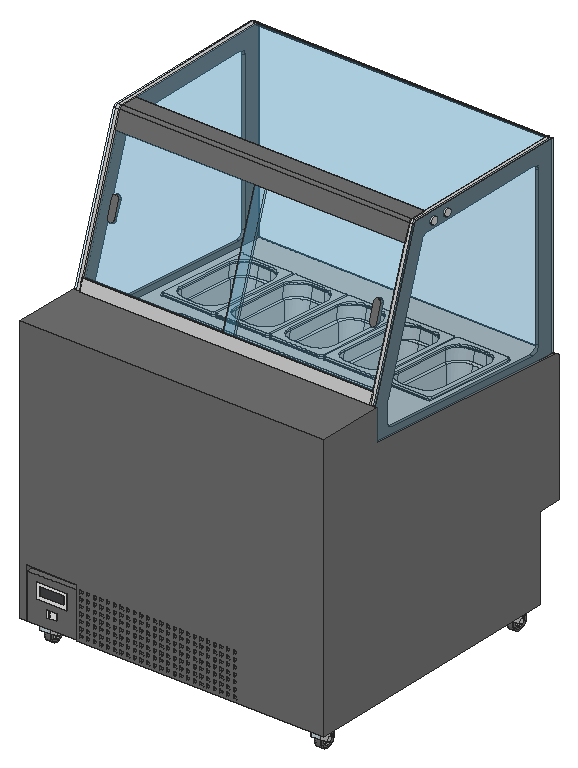
Revit family "QF_BLIZZARD_LUXE6_250923021310", category Specialty Equipment, Revit 2021
Family settings
  Round Connector Dimension = Use Diameter
  Part Type = Normal
  OmniClass Number = 23.40.40.14
  OmniClass Title = Food Service Equipment
  Work Plane-Based = No
  Always vertical = Yes
  Cut with Voids When Loaded = No
  Shared = No
  Room Calculation Point = No
Parameters (values of type "SUNDAE6")
  Weight [instance] = 106.00 kg
  Warranty Start Date [instance] = ""
  Warranty Duration [instance] = ""
  Volts [instance] = 230 V
  Volt Free Conn [instance] = no
  URL Recommended Spares List [instance] = ""
  URL Manufacturer [instance] = ""
  URL Cutsheet [instance] = ""
  URL Critical Spares List [instance] = ""
  URL = "www.blizzardequipment.com"
  Technical Documentation [instance] = ""
  Tag Number [instance] = ""
  Status [instance] = ""
  Start Up Current [instance] = 0 A
  Specification by User [instance] = ""
  Specification by Manufacturer [instance] = ""
  Sound Level [instance] = ""
  Show Logo [instance] = yes
  Show Clearances [instance] = yes
  Service Life Duration [instance] = ""
  Serial Number [instance] = ""
  Seismic Rating [instance] = ""
  SMACNA No [instance] = ""
  Revision Code [instance] = ""
  Revision [instance] = ""
  Production Year [instance] = ""
  Potential Equalisation [instance] = no
  Point Load [instance] = 0
  Phase [instance] = 1
  Other Equipment Approvals [instance] = ""
  Operational Current [instance] = 0 A
  Number of Poles [instance] = 2
  No Load Power Draw [instance] = no
  NAFEM Spec ID Number [instance] = ""
  Model Warning [instance] = ""
  Model = "LUXE6"
  Min Ckt Ampacity [instance] = 0 A
  Max Overcurrent Protection [instance] = 16 A
  Masterspec [instance] = ""
  Manufacturer = "BLIZZARD"
  Main switch integrated [instance] = no
  Length Actual [instance] = 910 mm
  Item Number [instance] = ""
  Installed By [instance] = ""
  Installation Date [instance] = ""
  Identify Quantity as Lot [instance] = no
  ID [instance] = ""
  Hygiene Approval [instance] = ""
  Height Actual [instance] = 1300 mm
  HP power [instance] = ""
  Furnished By [instance] = ""
  Foodservice Equipment Identifier [instance] = no
  FL Amps [instance] = 13 A
  Electrical Remarks [instance] = ""
  Electric power [instance] = 2990 W
  Electric Connection Type [instance] = ""
  Elec Conn RI Height [instance] = 0 mm
  Elec Conn Connection Height [instance] = 0 mm
  ETL Approved [instance] = no
  Description = "6 PAN ICE CREAM SERVE OVER"
  Depth Actual [instance] = 880 mm
  Default Elevation = 0 mm
  Cycle [instance] = 50 Hz
  Cost = 3510
  Connection to energy optimisation system [instance] = yes
  Conn Plug [instance] = ""
  Conn Conduit [instance] = no
  Centralized building control system with digital interface [instance] = ""
  CSI MasterFormat [instance] = ""
  CE Approved [instance] = no
  Barcode [instance] = 0
  Author [instance] = ""
  Asset Identifier [instance] = ""
  Apparent Power [instance] = 2990 VA
  Accessory [instance] = no
Reference planes
  plane 1 "Center (Front/Back)": y = 0
  plane 2: z = 0
  plane 3 "Center (Left/Right)": x = 0
Forms (mm)
  Extrusion 1, solid, not visible
    sketch origin (100.005, -878.043, 110.005) x (1, 0, 0) y (0, 1, 0)
      loop
        line (-2, 2) -> (-2, -2) -> (2, -2) -> (2, 2) -> (-2, 2)
    from -2 to 2
Dimensions and locks
  locked: nested 2 to Extrusion 1 at 4
  locked: nested 2 to Extrusion 1 at 2
  aligned and locked: level to plane 2
Nested families
  nested 1: "QF_BLIZZARD_SUNDAE6_2920" at (0, 0, 0), type "SUNDAE6"
    with Weight 106.00 kg, Warranty Start Date "", Warranty Duration "", URL Cutsheet "", Technical Documentation "", Tag Number "", Status "", Specification by User "", Specification by Manufacturer "", Sound Level "", Solid Fuel Type "", Show Logo yes, Show Clearances yes, Service Life Duration "", Serial Number "", Seismic Rating "", SMACNA No "", Revision Code "", Revision "", Production Year "", Point Load 0, Other Equipment Approvals "", NAFEM Spec ID Number "", Model Warning "", Masterspec "", Length Actual 910 mm, Item Number "", Installed By "", Installation Date "", Identify Quantity as Lot yes, ID "", Hygiene Approval "", Height Actual 1300 mm, Furnished By "", Foodservice Equipment Identifier yes, ETL Approved yes, Depth Actual 880 mm, CSI MasterFormat "", CE Approved yes, Barcode "", Asset Identifier "", Accessory no
  nested 2: "CONN_POINT_ELE_2D___Generic_Annotation" at (100.005, -880.043, 110.005), type "CONN_POINT_ELE_2D___Generic_Annotation"
    with Onboard connection annotation symbol visibility yes
Connectors
  electrical at (100.005, -880.043, 110.005), driven by "Apparent Power", driven by "Number of Poles", driven by "Volts"
    settings: on Extrusion 1, index 1, voltage 230 V, apparent load 0 VA, apparent load phase1 2990 VA, apparent load phase2 0 VA, apparent load phase3 0 VA, power factor 1, load classification "Other", number of poles 2, system type 31, power factor state 1, is connector primary yes, connector utility no, sub classification motor no, connector description "Electrical connection for LUXE6"
Definition of nested family "QF_BLIZZARD_SUNDAE6_2920"
  Parameters (values of type "SUNDAE6")
    Weight [instance] = 0.00 kg
    Warranty Start Date [instance] = ""
    Warranty Duration [instance] = ""
    URL Cutsheet [instance] = ""
    URL = "www.blizzardequipment.com"
    Technical Documentation [instance] = ""
    Tag Number [instance] = ""
    Status [instance] = ""
    Specification by User [instance] = ""
    Specification by Manufacturer [instance] = ""
    Sound Level [instance] = ""
    Solid Fuel Type [instance] = ""
    Show Logo [instance] = yes
    Show Clearances [instance] = yes
    Service Life Duration [instance] = ""
    Serial Number [instance] = ""
    Seismic Rating [instance] = ""
    SMACNA No [instance] = ""
    Revision Code [instance] = ""
    Revision [instance] = ""
    Production Year [instance] = ""
    Point Load [instance] = 0
    Other Equipment Approvals [instance] = ""
    NAFEM Spec ID Number [instance] = ""
    Model Warning [instance] = ""
    Model = "LUXE6"
    Masterspec [instance] = ""
    Manufacturer = "BLIZZARD"
    Length Actual [instance] = 0 mm
    Item Number [instance] = ""
    Installed By [instance] = ""
    Installation Date [instance] = ""
    Identify Quantity as Lot [instance] = yes
    ID [instance] = ""
    Hygiene Approval [instance] = ""
    Height Actual [instance] = 0 mm
    Furnished By [instance] = ""
    Foodservice Equipment Identifier [instance] = yes
    ETL Approved [instance] = yes
    Description = "6 PAN ICE CREAM SERVE OVER"
    Depth Actual [instance] = 0 mm
    Default Elevation = 0 mm
    CSI MasterFormat [instance] = ""
    CE Approved [instance] = yes
    Barcode [instance] = ""
    Author = "SPECIFI"
    Asset Identifier [instance] = ""
    Assembly Code = "E1090320"
    Accessory [instance] = yes
  Reference planes
    plane 1 "Back": y = 0
    plane 2: z = 0
    plane 3 "Left": x = 0
    plane 4 "Right": x = 910
    plane 5 "Front": y = -880
    plane 6 "Top": z = 1300
  Forms (mm)
    Extrusion 1, solid
      sketch origin (904.5, -20.5, -39.345) x (-1, 0, 0) y (0, -1, 0)
        loop
          line (56, 104) -> (58, 104)
          arc (58, 104) -> (44.5, 117.5) -> (31, 104) r 13.5
          line (31, 104) -> (33, 104)
          arc (33, 104) -> (44.5, 115.5) -> (56, 104) r 11.5
      from 61.345 to 98.345
    Extrusion 2, solid
      sketch origin (873.5, -37.722, -47.526) x (0, 1, 0) y (0, 0, -1)
        loop
          line (-86.778, -84.526) -> (-86.778, -106.526) -> (-55.778, -106.526) -> (-55.778, -101.526) -> (-47.778, -72.526)
          arc (-47.778, -72.526) -> (-50.121, -66.869) -> (-55.778, -64.526) r 8
          line (-55.778, -64.526) -> (-86.778, -84.526)
      from 0 to 2
    Revolve 3, solid
      sketch origin (891.5, -93.5, -25.119) x (-1, 0, 0) y (0, 0, -1)
        loop
          arc (23.5, -25.119) -> (22.086, -25.705) -> (21.5, -27.119) r 2
          line (21.5, -27.119) -> (21.5, -35.119) -> (41.5, -35.119) -> (41.5, -27.119)
          arc (41.5, -27.119) -> (40.914, -25.705) -> (39.5, -25.119) r 2
          line (39.5, -25.119) -> (23.5, -25.119)
        axis (21.5, -50.119) -> (41.5, -50.119)
      angle from 0 to 360
    Extrusion 4, solid
      sketch origin (881.11, -17.705, -12.526) x (0, 1, 0) y (0, 0, -1)
        loop
          circle (-75.795, -37.526) r 6
      from 6.11 to 36.11
    Extrusion 5, solid
      sketch origin (865, 628.948, -19.119) x (0, 1, 0) y (0, 0, -1)
        loop
          circle (-722.448, -44.119) r 13
      from 0 to 10
    Extrusion 6, solid
      sketch origin (-643.569, 626.454, 57) x (-1, 0, 0) y (0, -1, 0)
        loop
          arc (-1492.069, 750.954) -> (-1503.569, 762.454) -> (-1515.069, 750.954) r 11.5
          line (-1515.069, 750.954) -> (-1515.069, 719.954) -> (-1492.069, 719.954) -> (-1492.069, 750.954)
      from 0 to 2
    Revolve 7, solid
      sketch origin (860, -160.579, -32) x (0, -1, 0) y (0, 0, -1)
        loop
          line (-22.579, -91) -> (-41.579, -91) -> (-41.579, -101) -> (-17.579, -101)
          arc (-17.579, -101) -> (-18.286, -100.707) -> (-18.579, -100) r 1
          line (-18.579, -100) -> (-18.579, -94)
          arc (-18.579, -94) -> (-18.872, -93.293) -> (-19.579, -93) r 1
          line (-19.579, -93) -> (-22.579, -93) -> (-22.579, -91)
        axis (-41.579, -91) -> (-41.579, -101)
      angle from 0 to 360
    Extrusion 8, solid
      sketch origin (848.5, -37.722, -47.526) x (0, 1, 0) y (0, 0, -1)
        loop
          line (-86.778, -84.526) -> (-86.778, -106.526) -> (-55.778, -106.526) -> (-55.778, -101.526) -> (-47.778, -72.526)
          arc (-47.778, -72.526) -> (-50.121, -66.869) -> (-55.778, -64.526) r 8
          line (-55.778, -64.526) -> (-86.778, -84.526)
      from 0 to 2
    Extrusion 9, solid
      sketch origin (1150.983, -471.844, 169.646) x (0, 1, 0) y (0, 0, -1)
        loop
          circle (378.344, 144.646) r 15
        loop
          circle (378.344, 144.646) r 13
      from 280.983 to 300.983
    Extrusion 10, solid
      sketch origin (1131.573, -106.052, 69) x (-1, 0, 0) y (0, -1, 0)
        loop
          line (241.573, -17.052) -> (301.573, -17.052) -> (301.573, 42.948) -> (241.573, 42.948) -> (241.573, -17.052)
      from 0 to 2
    Extrusion 11, solid
      sketch origin (904.5, -740.5, -39.345) x (-1, 0, 0) y (0, -1, 0)
        loop
          line (56, 104) -> (58, 104)
          arc (58, 104) -> (44.5, 117.5) -> (31, 104) r 13.5
          line (31, 104) -> (33, 104)
          arc (33, 104) -> (44.5, 115.5) -> (56, 104) r 11.5
      from 61.345 to 98.345
    Extrusion 12, solid
      sketch origin (873.5, -757.722, -47.526) x (0, 1, 0) y (0, 0, -1)
        loop
          line (-86.778, -84.526) -> (-86.778, -106.526) -> (-55.778, -106.526) -> (-55.778, -101.526) -> (-47.778, -72.526)
          arc (-47.778, -72.526) -> (-50.121, -66.869) -> (-55.778, -64.526) r 8
          line (-55.778, -64.526) -> (-86.778, -84.526)
      from 0 to 2
    Revolve 13, solid
      sketch origin (891.5, -813.5, -25.119) x (-1, 0, 0) y (0, 0, -1)
        loop
          arc (23.5, -25.119) -> (22.086, -25.705) -> (21.5, -27.119) r 2
          line (21.5, -27.119) -> (21.5, -35.119) -> (41.5, -35.119) -> (41.5, -27.119)
          arc (41.5, -27.119) -> (40.914, -25.705) -> (39.5, -25.119) r 2
          line (39.5, -25.119) -> (23.5, -25.119)
        axis (21.5, -50.119) -> (41.5, -50.119)
      angle from 0 to 360
    Extrusion 14, solid
      sketch origin (881.11, -737.705, -12.526) x (0, 1, 0) y (0, 0, -1)
        loop
          circle (-75.795, -37.526) r 6
      from 6.11 to 36.11
    Extrusion 15, solid
      sketch origin (865, -91.052, -19.119) x (0, 1, 0) y (0, 0, -1)
        loop
          circle (-722.448, -44.119) r 13
      from 0 to 10
    Extrusion 16, solid
      sketch origin (-643.569, -93.546, 57) x (-1, 0, 0) y (0, -1, 0)
        loop
          arc (-1492.069, 750.954) -> (-1503.569, 762.454) -> (-1515.069, 750.954) r 11.5
          line (-1515.069, 750.954) -> (-1515.069, 719.954) -> (-1492.069, 719.954) -> (-1492.069, 750.954)
      from 0 to 2
    Revolve 17, solid
      sketch origin (860, -880.579, -32) x (0, -1, 0) y (0, 0, -1)
        loop
          line (-22.579, -91) -> (-41.579, -91) -> (-41.579, -101) -> (-17.579, -101)
          arc (-17.579, -101) -> (-18.286, -100.707) -> (-18.579, -100) r 1
          line (-18.579, -100) -> (-18.579, -94)
          arc (-18.579, -94) -> (-18.872, -93.293) -> (-19.579, -93) r 1
          line (-19.579, -93) -> (-22.579, -93) -> (-22.579, -91)
        axis (-41.579, -91) -> (-41.579, -101)
      angle from 0 to 360
    Extrusion 18, solid
      sketch origin (848.5, -757.722, -47.526) x (0, 1, 0) y (0, 0, -1)
        loop
          line (-86.778, -84.526) -> (-86.778, -106.526) -> (-55.778, -106.526) -> (-55.778, -101.526) -> (-47.778, -72.526)
          arc (-47.778, -72.526) -> (-50.121, -66.869) -> (-55.778, -64.526) r 8
          line (-55.778, -64.526) -> (-86.778, -84.526)
      from 0 to 2
    Extrusion 19, solid
      sketch origin (1150.983, -1191.844, 169.646) x (0, 1, 0) y (0, 0, -1)
        loop
          circle (378.344, 144.646) r 15
        loop
          circle (378.344, 144.646) r 13
      from 280.983 to 300.983
    Extrusion 20, solid
      sketch origin (1131.573, -826.052, 69) x (-1, 0, 0) y (0, -1, 0)
        loop
          line (241.573, -17.052) -> (301.573, -17.052) -> (301.573, 42.948) -> (241.573, 42.948) -> (241.573, -17.052)
      from 0 to 2
    Extrusion 21, solid
      sketch origin (870, -594, 0) x (0, -1, 0) y (0, 0, 1)
        loop
          line (-485, 57) -> (-510, 57) -> (-534.62, 61.341) -> (-534.967, 59.372) -> (-510.175, 55) -> (-485, 55) -> (-485, 57)
      from 0 to 20
    Extrusion 22, solid
      sketch origin (94.5, -20.5, -39.345) x (-1, 0, 0) y (0, -1, 0)
        loop
          line (56, 104) -> (58, 104)
          arc (58, 104) -> (44.5, 117.5) -> (31, 104) r 13.5
          line (31, 104) -> (33, 104)
          arc (33, 104) -> (44.5, 115.5) -> (56, 104) r 11.5
      from 61.345 to 98.345
    Extrusion 23, solid
      sketch origin (63.5, -37.722, -47.526) x (0, 1, 0) y (0, 0, -1)
        loop
          line (-86.778, -84.526) -> (-86.778, -106.526) -> (-55.778, -106.526) -> (-55.778, -101.526) -> (-47.778, -72.526)
          arc (-47.778, -72.526) -> (-50.121, -66.869) -> (-55.778, -64.526) r 8
          line (-55.778, -64.526) -> (-86.778, -84.526)
      from 0 to 2
    Revolve 24, solid
      sketch origin (81.5, -93.5, -25.119) x (-1, 0, 0) y (0, 0, -1)
        loop
          arc (23.5, -25.119) -> (22.086, -25.705) -> (21.5, -27.119) r 2
          line (21.5, -27.119) -> (21.5, -35.119) -> (41.5, -35.119) -> (41.5, -27.119)
          arc (41.5, -27.119) -> (40.914, -25.705) -> (39.5, -25.119) r 2
          line (39.5, -25.119) -> (23.5, -25.119)
        axis (21.5, -50.119) -> (41.5, -50.119)
      angle from 0 to 360
    Extrusion 25, solid
      sketch origin (71.11, -17.705, -12.526) x (0, 1, 0) y (0, 0, -1)
        loop
          circle (-75.795, -37.526) r 6
      from 6.11 to 36.11
    Extrusion 26, solid
      sketch origin (55, 628.948, -19.119) x (0, 1, 0) y (0, 0, -1)
        loop
          circle (-722.448, -44.119) r 13
      from 0 to 10
    Extrusion 27, solid
      sketch origin (-1453.569, 626.454, 57) x (-1, 0, 0) y (0, -1, 0)
        loop
          arc (-1492.069, 750.954) -> (-1503.569, 762.454) -> (-1515.069, 750.954) r 11.5
          line (-1515.069, 750.954) -> (-1515.069, 719.954) -> (-1492.069, 719.954) -> (-1492.069, 750.954)
      from 0 to 2
    Revolve 28, solid
      sketch origin (50, -160.579, -32) x (0, -1, 0) y (0, 0, -1)
        loop
          line (-22.579, -91) -> (-41.579, -91) -> (-41.579, -101) -> (-17.579, -101)
          arc (-17.579, -101) -> (-18.286, -100.707) -> (-18.579, -100) r 1
          line (-18.579, -100) -> (-18.579, -94)
          arc (-18.579, -94) -> (-18.872, -93.293) -> (-19.579, -93) r 1
          line (-19.579, -93) -> (-22.579, -93) -> (-22.579, -91)
        axis (-41.579, -91) -> (-41.579, -101)
      angle from 0 to 360
    Extrusion 29, solid
      sketch origin (38.5, -37.722, -47.526) x (0, 1, 0) y (0, 0, -1)
        loop
          line (-86.778, -84.526) -> (-86.778, -106.526) -> (-55.778, -106.526) -> (-55.778, -101.526) -> (-47.778, -72.526)
          arc (-47.778, -72.526) -> (-50.121, -66.869) -> (-55.778, -64.526) r 8
          line (-55.778, -64.526) -> (-86.778, -84.526)
      from 0 to 2
    Extrusion 30, solid
      sketch origin (340.983, -471.844, 169.646) x (0, 1, 0) y (0, 0, -1)
        loop
          circle (378.344, 144.646) r 15
        loop
          circle (378.344, 144.646) r 13
      from 280.983 to 300.983
    Extrusion 31, solid
      sketch origin (321.573, -106.052, 69) x (-1, 0, 0) y (0, -1, 0)
        loop
          line (241.573, -17.052) -> (301.573, -17.052) -> (301.573, 42.948) -> (241.573, 42.948) -> (241.573, -17.052)
      from 0 to 2
    Extrusion 32, solid
      sketch origin (94.5, -740.5, -39.345) x (-1, 0, 0) y (0, -1, 0)
        loop
          line (56, 104) -> (58, 104)
          arc (58, 104) -> (44.5, 117.5) -> (31, 104) r 13.5
          line (31, 104) -> (33, 104)
          arc (33, 104) -> (44.5, 115.5) -> (56, 104) r 11.5
      from 61.345 to 98.345
    Extrusion 33, solid
      sketch origin (63.5, -757.722, -47.526) x (0, 1, 0) y (0, 0, -1)
        loop
          line (-86.778, -84.526) -> (-86.778, -106.526) -> (-55.778, -106.526) -> (-55.778, -101.526) -> (-47.778, -72.526)
          arc (-47.778, -72.526) -> (-50.121, -66.869) -> (-55.778, -64.526) r 8
          line (-55.778, -64.526) -> (-86.778, -84.526)
      from 0 to 2
    Revolve 34, solid
      sketch origin (81.5, -813.5, -25.119) x (-1, 0, 0) y (0, 0, -1)
        loop
          arc (23.5, -25.119) -> (22.086, -25.705) -> (21.5, -27.119) r 2
          line (21.5, -27.119) -> (21.5, -35.119) -> (41.5, -35.119) -> (41.5, -27.119)
          arc (41.5, -27.119) -> (40.914, -25.705) -> (39.5, -25.119) r 2
          line (39.5, -25.119) -> (23.5, -25.119)
        axis (21.5, -50.119) -> (41.5, -50.119)
      angle from 0 to 360
    Extrusion 35, solid
      sketch origin (71.11, -737.705, -12.526) x (0, 1, 0) y (0, 0, -1)
        loop
          circle (-75.795, -37.526) r 6
      from 6.11 to 36.11
    Extrusion 36, solid
      sketch origin (55, -91.052, -19.119) x (0, 1, 0) y (0, 0, -1)
        loop
          circle (-722.448, -44.119) r 13
      from 0 to 10
    Extrusion 37, solid
      sketch origin (-1453.569, -93.546, 57) x (-1, 0, 0) y (0, -1, 0)
        loop
          arc (-1492.069, 750.954) -> (-1503.569, 762.454) -> (-1515.069, 750.954) r 11.5
          line (-1515.069, 750.954) -> (-1515.069, 719.954) -> (-1492.069, 719.954) -> (-1492.069, 750.954)
      from 0 to 2
    Revolve 38, solid
      sketch origin (50, -880.579, -32) x (0, -1, 0) y (0, 0, -1)
        loop
          line (-22.579, -91) -> (-41.579, -91) -> (-41.579, -101) -> (-17.579, -101)
          arc (-17.579, -101) -> (-18.286, -100.707) -> (-18.579, -100) r 1
          line (-18.579, -100) -> (-18.579, -94)
          arc (-18.579, -94) -> (-18.872, -93.293) -> (-19.579, -93) r 1
          line (-19.579, -93) -> (-22.579, -93) -> (-22.579, -91)
        axis (-41.579, -91) -> (-41.579, -101)
      angle from 0 to 360
    Extrusion 39, solid
      sketch origin (38.5, -757.722, -47.526) x (0, 1, 0) y (0, 0, -1)
        loop
          line (-86.778, -84.526) -> (-86.778, -106.526) -> (-55.778, -106.526) -> (-55.778, -101.526) -> (-47.778, -72.526)
          arc (-47.778, -72.526) -> (-50.121, -66.869) -> (-55.778, -64.526) r 8
          line (-55.778, -64.526) -> (-86.778, -84.526)
      from 0 to 2
    Extrusion 40, solid
      sketch origin (340.983, -1191.844, 169.646) x (0, 1, 0) y (0, 0, -1)
        loop
          circle (378.344, 144.646) r 15
        loop
          circle (378.344, 144.646) r 13
      from 280.983 to 300.983
    Extrusion 41, solid
      sketch origin (321.573, -826.052, 69) x (-1, 0, 0) y (0, -1, 0)
        loop
          line (241.573, -17.052) -> (301.573, -17.052) -> (301.573, 42.948) -> (241.573, 42.948) -> (241.573, -17.052)
      from 0 to 2
    Extrusion 42, solid
      sketch origin (60, -594, 0) x (0, -1, 0) y (0, 0, 1)
        loop
          line (-485, 57) -> (-510, 57) -> (-534.62, 61.341) -> (-534.967, 59.372) -> (-510.175, 55) -> (-485, 55) -> (-485, 57)
      from 0 to 20
    Extrusion 43, void
      sketch origin (900, -879, 0) x (0, -1, 0) y (0, 0, 1)
        loop
          line (-10.5, 52.484) -> (-34.5, 37) -> (-34.5, 57) -> (-58.5, 57) -> (-58.5, 22) -> (-10.5, 22) -> (-10.5, 52.484)
      from 26.5 to 53.5
    Extrusion 44, void
      sketch origin (900, -159, 0) x (0, -1, 0) y (0, 0, 1)
        loop
          line (-10.5, 52.484) -> (-34.5, 37) -> (-34.5, 57) -> (-58.5, 57) -> (-58.5, 22) -> (-10.5, 22) -> (-10.5, 52.484)
      from 26.5 to 53.5
    Extrusion 45, void
      sketch origin (90, -879, 0) x (0, -1, 0) y (0, 0, 1)
        loop
          line (-10.5, 52.484) -> (-34.5, 37) -> (-34.5, 57) -> (-58.5, 57) -> (-58.5, 22) -> (-10.5, 22) -> (-10.5, 52.484)
      from 26.5 to 53.5
    Extrusion 46, void
      sketch origin (90, -159, 0) x (0, -1, 0) y (0, 0, 1)
        loop
          line (-10.5, 52.484) -> (-34.5, 37) -> (-34.5, 57) -> (-58.5, 57) -> (-58.5, 22) -> (-10.5, 22) -> (-10.5, 52.484)
      from 26.5 to 53.5
    Extrusion 47, solid
      sketch origin (925, -843.5, 665) x (0, -1, 0) y (0, 0, 1)
        loop
          line (-834.5, 625) -> (-834.5, 54) -> (-829.5, 54) -> (-829.5, 625)
          arc (-829.5, 625) -> (-828.036, 628.536) -> (-824.5, 630) r 5
          line (-824.5, 630) -> (-370.038, 630) -> (-370.038, 635) -> (-824.5, 635)
          arc (-824.5, 635) -> (-831.571, 632.071) -> (-834.5, 625) r 10
      from 35 to 905
    Extrusion 48, solid
      sketch origin (910, -463.462, 706) x (0, -1, 0) y (0, 0, 1)
        loop
          circle (-50, 569) r 10
      from 0 to 5
    Extrusion 49, solid
      sketch origin (935, -911, 547) x (0, -1, 0) y (0, 0, 1)
        loop
          line (-387.538, 751) -> (-892, 751)
          arc (-892, 751) -> (-897.657, 748.657) -> (-900, 743) r 8
          line (-900, 743) -> (-900, 172) -> (-232, 172) -> (-232, 315.857) -> (-379.974, 745.605)
          arc (-379.974, 745.605) -> (-382.893, 749.513) -> (-387.538, 751) r 8
        loop
          line (-283.09, 316.797) -> (-411.425, 689.511)
          arc (-411.425, 689.511) -> (-418.722, 699.282) -> (-430.336, 703) r 20
          line (-430.336, 703) -> (-832, 703)
          arc (-832, 703) -> (-846.142, 697.142) -> (-852, 683) r 20
          line (-852, 683) -> (-852, 213.678)
          arc (-852, 213.678) -> (-845.562, 198.978) -> (-830.392, 193.743) r 20
          line (-830.392, 193.743) -> (-300.392, 236.484)
          arc (-300.392, 236.484) -> (-287.3, 242.858) -> (-282, 256.42) r 20
          line (-282, 256.42) -> (-282, 310.286)
          arc (-282, 310.286) -> (-282.274, 313.587) -> (-283.09, 316.797) r 20
      from 35 to 45
    Extrusion 50, solid
      sketch origin (910, -413.462, 706) x (0, 1, 0) y (0, 0, -1)
        loop
          circle (-50, -569) r 10
      from 0 to 5
    Extrusion 51, solid
      sketch origin (0, -463.462, 706) x (0, -1, 0) y (0, 0, -1)
        loop
          circle (-50, -569) r 10
      from 0 to 5
    Extrusion 52, solid
      sketch origin (0, -413.462, 706) x (0, 1, 0) y (0, 0, 1)
        loop
          circle (-50, 569) r 10
      from 0 to 5
    Extrusion 53, solid
      sketch origin (890, -901, -7) x (0, -1, 0) y (0, 0, -1)
        loop
          line (-222, -876) -> (-22, -876) -> (-22, -78) -> (-832, -78) -> (-832, -328) -> (-902, -328) -> (-902, -716)
          arc (-902, -716) -> (-899.071, -723.071) -> (-892, -726) r 10
          line (-892, -726) -> (-222, -780.032) -> (-222, -876)
      from -890 to 20
    Extrusion 54, solid
      sketch origin (885, -520.693, -9.47) x (0, -0.919003, -0.39425) y (0, -0.39425, 0.919003)
        loop
          line (-222.149, 893.201) -> (-468.767, 1165) -> (-472.47, 1161.64) -> (-225.852, 889.842) -> (-222.149, 893.201)
      from -5 to 445
    Extrusion 55, solid
      sketch origin (-170, -514.488, -6.809) x (0, -0.919003, -0.39425) y (0, -0.39425, 0.919003)
        loop
          line (-219.1, 889.842) -> (-465.718, 1161.64) -> (-469.421, 1158.28) -> (-222.803, 886.482) -> (-219.1, 889.842)
      from -640 to -190
    Extrusion 56, solid
      sketch origin (930, -520.693, -9.47) x (0, -0.919003, -0.39425) y (0, -0.39425, 0.919003)
        loop
          line (-197.936, 870.981) -> (-219.927, 895.217) -> (-231.777, 884.466) -> (-185.109, 833.034) -> (-200.852, 869.73) -> (-197.936, 870.981)
      from 40 to 910
    Extrusion 57, solid
      sketch origin (1417.067, -944.18, 101.934) x (-1, 0, 0) y (0, 0.325568, 0.945519)
        loop
          line (557.067, 1051.807) -> (557.067, 1001.807)
          arc (557.067, 1001.807) -> (567.067, 991.807) -> (577.067, 1001.807) r 10
          line (577.067, 1001.807) -> (577.067, 1051.807)
          arc (577.067, 1051.807) -> (567.067, 1061.807) -> (557.067, 1051.807) r 10
      from 0 to 7
    Extrusion 58, solid
      sketch origin (627.067, -939.452, 100.306) x (-1, 0, 0) y (0, 0.325568, 0.945519)
        loop
          arc (577.067, 1051.807) -> (567.067, 1061.807) -> (557.067, 1051.807) r 10
          line (557.067, 1051.807) -> (557.067, 1001.807)
          arc (557.067, 1001.807) -> (567.067, 991.807) -> (577.067, 1001.807) r 10
          line (577.067, 1001.807) -> (577.067, 1051.807)
      from 0 to 7
    Extrusion 59, solid
      sketch origin (940, -901, 547) x (0, -1, 0) y (0, 0, 1)
        loop
          line (-377.538, 753) -> (-882, 753)
          arc (-882, 753) -> (-889.071, 750.071) -> (-892, 743) r 10
          line (-892, 743) -> (-892, 172) -> (-222, 172) -> (-222, 322) -> (-368.083, 746.256)
          arc (-368.083, 746.256) -> (-371.731, 751.141) -> (-377.538, 753) r 10
      from 35 to 40
    Extrusion 60, solid
      sketch origin (935, -861, 547) x (0, -1, 0) y (0, 0, 1)
        loop
          line (-337.538, 753) -> (-842, 753)
          arc (-842, 753) -> (-849.071, 750.071) -> (-852, 743) r 10
          line (-852, 743) -> (-852, 172) -> (-850, 172) -> (-850, 743)
          arc (-850, 743) -> (-847.657, 748.657) -> (-842, 751) r 8
          line (-842, 751) -> (-337.538, 751)
          arc (-337.538, 751) -> (-332.893, 749.513) -> (-329.974, 745.605) r 8
          line (-329.974, 745.605) -> (-182, 315.857) -> (-182, 322) -> (-328.083, 746.256)
          arc (-328.083, 746.256) -> (-331.731, 751.141) -> (-337.538, 753) r 10
      from 35 to 45
    Extrusion 61, solid
      sketch origin (890, -879, 0) x (0, -1, 0) y (0, 0, 1)
        loop
          line (-355.538, 1300) -> (-405.538, 1300) -> (-405.538, 1250) -> (-398.336, 1250)
          arc (-398.336, 1250) -> (-386.722, 1246.282) -> (-379.425, 1236.511) r 20
          line (-379.425, 1236.511) -> (-377.08, 1229.701) -> (-329.805, 1245.98) -> (-346.083, 1293.256)
          arc (-346.083, 1293.256) -> (-349.731, 1298.141) -> (-355.538, 1300) r 10
      from 0 to 870
    Extrusion 62, solid
      sketch origin (-25, -911, 547) x (0, -1, 0) y (0, 0, -1)
        loop
          arc (-387.538, -751) -> (-382.893, -749.513) -> (-379.974, -745.605) r 8
          line (-379.974, -745.605) -> (-232, -315.857) -> (-232, -172) -> (-900, -172) -> (-900, -743)
          arc (-900, -743) -> (-897.657, -748.657) -> (-892, -751) r 8
          line (-892, -751) -> (-387.538, -751)
        loop
          arc (-283.09, -316.797) -> (-282.274, -313.587) -> (-282, -310.286) r 20
          line (-282, -310.286) -> (-282, -256.42)
          arc (-282, -256.42) -> (-287.3, -242.858) -> (-300.392, -236.484) r 20
          line (-300.392, -236.484) -> (-830.392, -193.743)
          arc (-830.392, -193.743) -> (-845.562, -198.978) -> (-852, -213.678) r 20
          line (-852, -213.678) -> (-852, -683)
          arc (-852, -683) -> (-846.142, -697.142) -> (-832, -703) r 20
          line (-832, -703) -> (-430.336, -703)
          arc (-430.336, -703) -> (-418.722, -699.282) -> (-411.425, -689.511) r 20
          line (-411.425, -689.511) -> (-283.09, -316.797)
      from 35 to 45
    Extrusion 63, solid
      sketch origin (-30, -901, 547) x (0, -1, 0) y (0, 0, -1)
        loop
          arc (-377.538, -753) -> (-371.731, -751.141) -> (-368.083, -746.256) r 10
          line (-368.083, -746.256) -> (-222, -322) -> (-222, -172) -> (-892, -172) -> (-892, -743)
          arc (-892, -743) -> (-889.071, -750.071) -> (-882, -753) r 10
          line (-882, -753) -> (-377.538, -753)
      from 35 to 40
    Extrusion 64, solid
      sketch origin (-25, -861, 547) x (0, -1, 0) y (0, 0, -1)
        loop
          arc (-337.538, -753) -> (-331.731, -751.141) -> (-328.083, -746.256) r 10
          line (-328.083, -746.256) -> (-182, -322) -> (-182, -315.857) -> (-329.974, -745.605)
          arc (-329.974, -745.605) -> (-332.893, -749.513) -> (-337.538, -751) r 8
          line (-337.538, -751) -> (-842, -751)
          arc (-842, -751) -> (-847.657, -748.657) -> (-850, -743) r 8
          line (-850, -743) -> (-850, -172) -> (-852, -172) -> (-852, -743)
          arc (-852, -743) -> (-849.071, -750.071) -> (-842, -753) r 10
          line (-842, -753) -> (-337.538, -753)
      from 35 to 45
    Sweep 65, solid
      path origin (533, -390, 608.268) x (0, 0.996764, -0.080384) y (-1, 0, 0)
        loop
          line (22.985, -289.089) -> (202.015, -289.089)
          arc (202.015, -289.089) -> (219.402, -281.887) -> (226.604, -264.5) r 24.589
          line (226.604, -264.5) -> (226.604, -227.5)
          arc (226.604, -227.5) -> (219.402, -210.113) -> (202.015, -202.911) r 24.589
          line (202.015, -202.911) -> (22.985, -202.911)
          arc (22.985, -202.911) -> (5.598, -210.113) -> (-1.604, -227.5) r 24.589
          line (-1.604, -227.5) -> (-1.604, -264.5)
          arc (-1.604, -264.5) -> (5.598, -281.887) -> (22.985, -289.089) r 24.589
      profile origin (822.089, -277.864, 599.225) x (-1, 0, 0) y (0, 0.080384, 0.996764)
        loop
          arc (0, 2) -> (-9.637, 5.845) -> (-13.981, 15.267) r 14
          line (-13.981, 15.267) -> (-18.689, 105.106) -> (-23.411, 109.828) -> (-23.411, 143) -> (-25.411, 143) -> (-25.411, 109) -> (-20.646, 104.235) -> (-15.978, 15.163)
          arc (-15.978, 15.163) -> (-11.014, 4.394) -> (0, 0) r 16
          line (0, 0) -> (0, 2)
    Extrusion 66, solid
      sketch origin (533, -389.598, 613.252) x (0, 0.996764, -0.080384) y (-1, 0, 0)
        loop
          line (-40, -174) -> (-40, -318)
          arc (-40, -318) -> (-37.364, -324.364) -> (-31, -327) r 9
          line (-31, -327) -> (256, -327)
          arc (256, -327) -> (262.364, -324.364) -> (265, -318) r 9
          line (265, -318) -> (265, -174)
          arc (265, -174) -> (262.364, -167.636) -> (256, -165) r 9
          line (256, -165) -> (-31, -165)
          arc (-31, -165) -> (-37.364, -167.636) -> (-40, -174) r 9
        loop
          arc (-25.015, -264.5) -> (-10.957, -298.441) -> (22.985, -312.5) r 48
          line (22.985, -312.5) -> (202.2, -312.5)
          arc (202.2, -312.5) -> (236.011, -298.495) -> (250.015, -264.685) r 47.815
          line (250.015, -264.685) -> (250.015, -227.5)
          arc (250.015, -227.5) -> (235.957, -193.559) -> (202.015, -179.5) r 48
          line (202.015, -179.5) -> (22.985, -179.5)
          arc (22.985, -179.5) -> (-10.957, -193.559) -> (-25.015, -227.5) r 48
          line (-25.015, -227.5) -> (-25.015, -264.5)
      from 138 to 140
    Extrusion 67, solid
      sketch origin (533, -389.598, 613.252) x (0, 0.996764, -0.080384) y (-1, 0, 0)
        loop
          arc (-37, -318) -> (-35.243, -322.243) -> (-31, -324) r 6
          line (-31, -324) -> (256, -324)
          arc (256, -324) -> (260.243, -322.243) -> (262, -318) r 6
          line (262, -318) -> (262, -174)
          arc (262, -174) -> (260.243, -169.757) -> (256, -168) r 6
          line (256, -168) -> (-31, -168)
          arc (-31, -168) -> (-35.243, -169.757) -> (-37, -174) r 6
          line (-37, -174) -> (-37, -318)
        loop
          arc (-25.015, -264.5) -> (-10.957, -298.441) -> (22.985, -312.5) r 48
          line (22.985, -312.5) -> (202.015, -312.5)
          arc (202.015, -312.5) -> (235.957, -298.441) -> (250.015, -264.5) r 48
          line (250.015, -264.5) -> (250.015, -227.5)
          arc (250.015, -227.5) -> (235.957, -193.559) -> (202.015, -179.5) r 48
          line (202.015, -179.5) -> (22.985, -179.5)
          arc (22.985, -179.5) -> (-10.957, -193.559) -> (-25.015, -227.5) r 48
          line (-25.015, -227.5) -> (-25.015, -264.5)
      from 140 to 145
    Extrusion 68, solid
      sketch origin (533, 28.641, 574.507) x (0, 0.996764, -0.080384) y (-1, 0, 0)
        loop
          arc (-397.015, -202.911) -> (-414.402, -210.113) -> (-421.604, -227.5) r 24.589
          line (-421.604, -227.5) -> (-421.604, -264.5)
          arc (-421.604, -264.5) -> (-414.402, -281.887) -> (-397.015, -289.089) r 24.589
          line (-397.015, -289.089) -> (-217.8, -289.089)
          arc (-217.8, -289.089) -> (-200.544, -281.941) -> (-193.396, -264.685) r 24.404
          line (-193.396, -264.685) -> (-193.396, -227.315)
          arc (-193.396, -227.315) -> (-200.544, -210.059) -> (-217.8, -202.911) r 24.404
          line (-217.8, -202.911) -> (-397.015, -202.911)
      from 0 to 2
    Sweep 69, solid
      path origin (371, -390, 608.268) x (0, 0.996764, -0.080384) y (-1, 0, 0)
        loop
          line (22.985, -289.089) -> (202.015, -289.089)
          arc (202.015, -289.089) -> (219.402, -281.887) -> (226.604, -264.5) r 24.589
          line (226.604, -264.5) -> (226.604, -227.5)
          arc (226.604, -227.5) -> (219.402, -210.113) -> (202.015, -202.911) r 24.589
          line (202.015, -202.911) -> (22.985, -202.911)
          arc (22.985, -202.911) -> (5.598, -210.113) -> (-1.604, -227.5) r 24.589
          line (-1.604, -227.5) -> (-1.604, -264.5)
          arc (-1.604, -264.5) -> (5.598, -281.887) -> (22.985, -289.089) r 24.589
      profile origin (660.089, -277.864, 599.225) x (-1, 0, 0) y (0, 0.080384, 0.996764)
        loop
          arc (0, 2) -> (-9.637, 5.845) -> (-13.981, 15.267) r 14
          line (-13.981, 15.267) -> (-18.689, 105.106) -> (-23.411, 109.828) -> (-23.411, 143) -> (-25.411, 143) -> (-25.411, 109) -> (-20.646, 104.235) -> (-15.978, 15.163)
          arc (-15.978, 15.163) -> (-11.014, 4.394) -> (0, 0) r 16
          line (0, 0) -> (0, 2)
    Extrusion 70, solid
      sketch origin (371, -389.598, 613.252) x (0, 0.996764, -0.080384) y (-1, 0, 0)
        loop
          line (-40, -174) -> (-40, -318)
          arc (-40, -318) -> (-37.364, -324.364) -> (-31, -327) r 9
          line (-31, -327) -> (256, -327)
          arc (256, -327) -> (262.364, -324.364) -> (265, -318) r 9
          line (265, -318) -> (265, -174)
          arc (265, -174) -> (262.364, -167.636) -> (256, -165) r 9
          line (256, -165) -> (-31, -165)
          arc (-31, -165) -> (-37.364, -167.636) -> (-40, -174) r 9
        loop
          arc (-25.015, -264.5) -> (-10.957, -298.441) -> (22.985, -312.5) r 48
          line (22.985, -312.5) -> (202.2, -312.5)
          arc (202.2, -312.5) -> (236.011, -298.495) -> (250.015, -264.685) r 47.815
          line (250.015, -264.685) -> (250.015, -227.5)
          arc (250.015, -227.5) -> (235.957, -193.559) -> (202.015, -179.5) r 48
          line (202.015, -179.5) -> (22.985, -179.5)
          arc (22.985, -179.5) -> (-10.957, -193.559) -> (-25.015, -227.5) r 48
          line (-25.015, -227.5) -> (-25.015, -264.5)
      from 138 to 140
    Extrusion 71, solid
      sketch origin (371, -389.598, 613.252) x (0, 0.996764, -0.080384) y (-1, 0, 0)
        loop
          arc (-37, -318) -> (-35.243, -322.243) -> (-31, -324) r 6
          line (-31, -324) -> (256, -324)
          arc (256, -324) -> (260.243, -322.243) -> (262, -318) r 6
          line (262, -318) -> (262, -174)
          arc (262, -174) -> (260.243, -169.757) -> (256, -168) r 6
          line (256, -168) -> (-31, -168)
          arc (-31, -168) -> (-35.243, -169.757) -> (-37, -174) r 6
          line (-37, -174) -> (-37, -318)
        loop
          arc (-25.015, -264.5) -> (-10.957, -298.441) -> (22.985, -312.5) r 48
          line (22.985, -312.5) -> (202.015, -312.5)
          arc (202.015, -312.5) -> (235.957, -298.441) -> (250.015, -264.5) r 48
          line (250.015, -264.5) -> (250.015, -227.5)
          arc (250.015, -227.5) -> (235.957, -193.559) -> (202.015, -179.5) r 48
          line (202.015, -179.5) -> (22.985, -179.5)
          arc (22.985, -179.5) -> (-10.957, -193.559) -> (-25.015, -227.5) r 48
          line (-25.015, -227.5) -> (-25.015, -264.5)
      from 140 to 145
    Extrusion 72, solid
      sketch origin (371, 28.641, 574.507) x (0, 0.996764, -0.080384) y (-1, 0, 0)
        loop
          arc (-397.015, -202.911) -> (-414.402, -210.113) -> (-421.604, -227.5) r 24.589
          line (-421.604, -227.5) -> (-421.604, -264.5)
          arc (-421.604, -264.5) -> (-414.402, -281.887) -> (-397.015, -289.089) r 24.589
          line (-397.015, -289.089) -> (-217.8, -289.089)
          arc (-217.8, -289.089) -> (-200.544, -281.941) -> (-193.396, -264.685) r 24.404
          line (-193.396, -264.685) -> (-193.396, -227.315)
          arc (-193.396, -227.315) -> (-200.544, -210.059) -> (-217.8, -202.911) r 24.404
          line (-217.8, -202.911) -> (-397.015, -202.911)
      from 0 to 2
    Sweep 73, solid
      path origin (209, -390, 608.268) x (0, 0.996764, -0.080384) y (-1, 0, 0)
        loop
          line (22.985, -289.089) -> (202.015, -289.089)
          arc (202.015, -289.089) -> (219.402, -281.887) -> (226.604, -264.5) r 24.589
          line (226.604, -264.5) -> (226.604, -227.5)
          arc (226.604, -227.5) -> (219.402, -210.113) -> (202.015, -202.911) r 24.589
          line (202.015, -202.911) -> (22.985, -202.911)
          arc (22.985, -202.911) -> (5.598, -210.113) -> (-1.604, -227.5) r 24.589
          line (-1.604, -227.5) -> (-1.604, -264.5)
          arc (-1.604, -264.5) -> (5.598, -281.887) -> (22.985, -289.089) r 24.589
      profile origin (498.089, -277.864, 599.225) x (-1, 0, 0) y (0, 0.080384, 0.996764)
        loop
          arc (0, 2) -> (-9.637, 5.845) -> (-13.981, 15.267) r 14
          line (-13.981, 15.267) -> (-18.689, 105.106) -> (-23.411, 109.828) -> (-23.411, 143) -> (-25.411, 143) -> (-25.411, 109) -> (-20.646, 104.235) -> (-15.978, 15.163)
          arc (-15.978, 15.163) -> (-11.014, 4.394) -> (0, 0) r 16
          line (0, 0) -> (0, 2)
    Extrusion 74, solid
      sketch origin (209, -389.598, 613.252) x (0, 0.996764, -0.080384) y (-1, 0, 0)
        loop
          line (-40, -174) -> (-40, -318)
          arc (-40, -318) -> (-37.364, -324.364) -> (-31, -327) r 9
          line (-31, -327) -> (256, -327)
          arc (256, -327) -> (262.364, -324.364) -> (265, -318) r 9
          line (265, -318) -> (265, -174)
          arc (265, -174) -> (262.364, -167.636) -> (256, -165) r 9
          line (256, -165) -> (-31, -165)
          arc (-31, -165) -> (-37.364, -167.636) -> (-40, -174) r 9
        loop
          arc (-25.015, -264.5) -> (-10.957, -298.441) -> (22.985, -312.5) r 48
          line (22.985, -312.5) -> (202.2, -312.5)
          arc (202.2, -312.5) -> (236.011, -298.495) -> (250.015, -264.685) r 47.815
          line (250.015, -264.685) -> (250.015, -227.5)
          arc (250.015, -227.5) -> (235.957, -193.559) -> (202.015, -179.5) r 48
          line (202.015, -179.5) -> (22.985, -179.5)
          arc (22.985, -179.5) -> (-10.957, -193.559) -> (-25.015, -227.5) r 48
          line (-25.015, -227.5) -> (-25.015, -264.5)
      from 138 to 140
    Extrusion 75, solid
      sketch origin (209, -389.598, 613.252) x (0, 0.996764, -0.080384) y (-1, 0, 0)
        loop
          arc (-37, -318) -> (-35.243, -322.243) -> (-31, -324) r 6
          line (-31, -324) -> (256, -324)
          arc (256, -324) -> (260.243, -322.243) -> (262, -318) r 6
          line (262, -318) -> (262, -174)
          arc (262, -174) -> (260.243, -169.757) -> (256, -168) r 6
          line (256, -168) -> (-31, -168)
          arc (-31, -168) -> (-35.243, -169.757) -> (-37, -174) r 6
          line (-37, -174) -> (-37, -318)
        loop
          arc (-25.015, -264.5) -> (-10.957, -298.441) -> (22.985, -312.5) r 48
          line (22.985, -312.5) -> (202.015, -312.5)
          arc (202.015, -312.5) -> (235.957, -298.441) -> (250.015, -264.5) r 48
          line (250.015, -264.5) -> (250.015, -227.5)
          arc (250.015, -227.5) -> (235.957, -193.559) -> (202.015, -179.5) r 48
          line (202.015, -179.5) -> (22.985, -179.5)
          arc (22.985, -179.5) -> (-10.957, -193.559) -> (-25.015, -227.5) r 48
          line (-25.015, -227.5) -> (-25.015, -264.5)
      from 140 to 145
    Extrusion 76, solid
      sketch origin (209, 28.641, 574.507) x (0, 0.996764, -0.080384) y (-1, 0, 0)
        loop
          arc (-397.015, -202.911) -> (-414.402, -210.113) -> (-421.604, -227.5) r 24.589
          line (-421.604, -227.5) -> (-421.604, -264.5)
          arc (-421.604, -264.5) -> (-414.402, -281.887) -> (-397.015, -289.089) r 24.589
          line (-397.015, -289.089) -> (-217.8, -289.089)
          arc (-217.8, -289.089) -> (-200.544, -281.941) -> (-193.396, -264.685) r 24.404
          line (-193.396, -264.685) -> (-193.396, -227.315)
          arc (-193.396, -227.315) -> (-200.544, -210.059) -> (-217.8, -202.911) r 24.404
          line (-217.8, -202.911) -> (-397.015, -202.911)
      from 0 to 2
    Sweep 77, solid
      path origin (47, -390, 608.268) x (0, 0.996764, -0.080384) y (-1, 0, 0)
        loop
          line (22.985, -289.089) -> (202.015, -289.089)
          arc (202.015, -289.089) -> (219.402, -281.887) -> (226.604, -264.5) r 24.589
          line (226.604, -264.5) -> (226.604, -227.5)
          arc (226.604, -227.5) -> (219.402, -210.113) -> (202.015, -202.911) r 24.589
          line (202.015, -202.911) -> (22.985, -202.911)
          arc (22.985, -202.911) -> (5.598, -210.113) -> (-1.604, -227.5) r 24.589
          line (-1.604, -227.5) -> (-1.604, -264.5)
          arc (-1.604, -264.5) -> (5.598, -281.887) -> (22.985, -289.089) r 24.589
      profile origin (336.089, -277.864, 599.225) x (-1, 0, 0) y (0, 0.080384, 0.996764)
        loop
          arc (0, 2) -> (-9.637, 5.845) -> (-13.981, 15.267) r 14
          line (-13.981, 15.267) -> (-18.689, 105.106) -> (-23.411, 109.828) -> (-23.411, 143) -> (-25.411, 143) -> (-25.411, 109) -> (-20.646, 104.235) -> (-15.978, 15.163)
          arc (-15.978, 15.163) -> (-11.014, 4.394) -> (0, 0) r 16
          line (0, 0) -> (0, 2)
    Extrusion 78, solid
      sketch origin (47, -389.598, 613.252) x (0, 0.996764, -0.080384) y (-1, 0, 0)
        loop
          line (-40, -174) -> (-40, -318)
          arc (-40, -318) -> (-37.364, -324.364) -> (-31, -327) r 9
          line (-31, -327) -> (256, -327)
          arc (256, -327) -> (262.364, -324.364) -> (265, -318) r 9
          line (265, -318) -> (265, -174)
          arc (265, -174) -> (262.364, -167.636) -> (256, -165) r 9
          line (256, -165) -> (-31, -165)
          arc (-31, -165) -> (-37.364, -167.636) -> (-40, -174) r 9
        loop
          arc (-25.015, -264.5) -> (-10.957, -298.441) -> (22.985, -312.5) r 48
          line (22.985, -312.5) -> (202.2, -312.5)
          arc (202.2, -312.5) -> (236.011, -298.495) -> (250.015, -264.685) r 47.815
          line (250.015, -264.685) -> (250.015, -227.5)
          arc (250.015, -227.5) -> (235.957, -193.559) -> (202.015, -179.5) r 48
          line (202.015, -179.5) -> (22.985, -179.5)
          arc (22.985, -179.5) -> (-10.957, -193.559) -> (-25.015, -227.5) r 48
          line (-25.015, -227.5) -> (-25.015, -264.5)
      from 138 to 140
    Extrusion 79, solid
      sketch origin (47, -389.598, 613.252) x (0, 0.996764, -0.080384) y (-1, 0, 0)
        loop
          arc (-37, -318) -> (-35.243, -322.243) -> (-31, -324) r 6
          line (-31, -324) -> (256, -324)
          arc (256, -324) -> (260.243, -322.243) -> (262, -318) r 6
          line (262, -318) -> (262, -174)
          arc (262, -174) -> (260.243, -169.757) -> (256, -168) r 6
          line (256, -168) -> (-31, -168)
          arc (-31, -168) -> (-35.243, -169.757) -> (-37, -174) r 6
          line (-37, -174) -> (-37, -318)
        loop
          arc (-25.015, -264.5) -> (-10.957, -298.441) -> (22.985, -312.5) r 48
          line (22.985, -312.5) -> (202.015, -312.5)
          arc (202.015, -312.5) -> (235.957, -298.441) -> (250.015, -264.5) r 48
          line (250.015, -264.5) -> (250.015, -227.5)
          arc (250.015, -227.5) -> (235.957, -193.559) -> (202.015, -179.5) r 48
          line (202.015, -179.5) -> (22.985, -179.5)
          arc (22.985, -179.5) -> (-10.957, -193.559) -> (-25.015, -227.5) r 48
          line (-25.015, -227.5) -> (-25.015, -264.5)
      from 140 to 145
    Extrusion 80, solid
      sketch origin (47, 28.641, 574.507) x (0, 0.996764, -0.080384) y (-1, 0, 0)
        loop
          arc (-397.015, -202.911) -> (-414.402, -210.113) -> (-421.604, -227.5) r 24.589
          line (-421.604, -227.5) -> (-421.604, -264.5)
          arc (-421.604, -264.5) -> (-414.402, -281.887) -> (-397.015, -289.089) r 24.589
          line (-397.015, -289.089) -> (-217.8, -289.089)
          arc (-217.8, -289.089) -> (-200.544, -281.941) -> (-193.396, -264.685) r 24.404
          line (-193.396, -264.685) -> (-193.396, -227.315)
          arc (-193.396, -227.315) -> (-200.544, -210.059) -> (-217.8, -202.911) r 24.404
          line (-217.8, -202.911) -> (-397.015, -202.911)
      from 0 to 2
    Sweep 81, solid
      path origin (-115, -390, 608.268) x (0, 0.996764, -0.080384) y (-1, 0, 0)
        loop
          line (22.985, -289.089) -> (202.015, -289.089)
          arc (202.015, -289.089) -> (219.402, -281.887) -> (226.604, -264.5) r 24.589
          line (226.604, -264.5) -> (226.604, -227.5)
          arc (226.604, -227.5) -> (219.402, -210.113) -> (202.015, -202.911) r 24.589
          line (202.015, -202.911) -> (22.985, -202.911)
          arc (22.985, -202.911) -> (5.598, -210.113) -> (-1.604, -227.5) r 24.589
          line (-1.604, -227.5) -> (-1.604, -264.5)
          arc (-1.604, -264.5) -> (5.598, -281.887) -> (22.985, -289.089) r 24.589
      profile origin (174.089, -277.864, 599.225) x (-1, 0, 0) y (0, 0.080384, 0.996764)
        loop
          arc (0, 2) -> (-9.637, 5.845) -> (-13.981, 15.267) r 14
          line (-13.981, 15.267) -> (-18.689, 105.106) -> (-23.411, 109.828) -> (-23.411, 143) -> (-25.411, 143) -> (-25.411, 109) -> (-20.646, 104.235) -> (-15.978, 15.163)
          arc (-15.978, 15.163) -> (-11.014, 4.394) -> (0, 0) r 16
          line (0, 0) -> (0, 2)
    Extrusion 82, solid
      sketch origin (-115, -389.598, 613.252) x (0, 0.996764, -0.080384) y (-1, 0, 0)
        loop
          line (-40, -174) -> (-40, -318)
          arc (-40, -318) -> (-37.364, -324.364) -> (-31, -327) r 9
          line (-31, -327) -> (256, -327)
          arc (256, -327) -> (262.364, -324.364) -> (265, -318) r 9
          line (265, -318) -> (265, -174)
          arc (265, -174) -> (262.364, -167.636) -> (256, -165) r 9
          line (256, -165) -> (-31, -165)
          arc (-31, -165) -> (-37.364, -167.636) -> (-40, -174) r 9
        loop
          arc (-25.015, -264.5) -> (-10.957, -298.441) -> (22.985, -312.5) r 48
          line (22.985, -312.5) -> (202.2, -312.5)
          arc (202.2, -312.5) -> (236.011, -298.495) -> (250.015, -264.685) r 47.815
          line (250.015, -264.685) -> (250.015, -227.5)
          arc (250.015, -227.5) -> (235.957, -193.559) -> (202.015, -179.5) r 48
          line (202.015, -179.5) -> (22.985, -179.5)
          arc (22.985, -179.5) -> (-10.957, -193.559) -> (-25.015, -227.5) r 48
          line (-25.015, -227.5) -> (-25.015, -264.5)
      from 138 to 140
    Extrusion 83, solid
      sketch origin (-115, -389.598, 613.252) x (0, 0.996764, -0.080384) y (-1, 0, 0)
        loop
          arc (-37, -318) -> (-35.243, -322.243) -> (-31, -324) r 6
          line (-31, -324) -> (256, -324)
          arc (256, -324) -> (260.243, -322.243) -> (262, -318) r 6
          line (262, -318) -> (262, -174)
          arc (262, -174) -> (260.243, -169.757) -> (256, -168) r 6
          line (256, -168) -> (-31, -168)
          arc (-31, -168) -> (-35.243, -169.757) -> (-37, -174) r 6
          line (-37, -174) -> (-37, -318)
        loop
          arc (-25.015, -264.5) -> (-10.957, -298.441) -> (22.985, -312.5) r 48
          line (22.985, -312.5) -> (202.015, -312.5)
          arc (202.015, -312.5) -> (235.957, -298.441) -> (250.015, -264.5) r 48
          line (250.015, -264.5) -> (250.015, -227.5)
          arc (250.015, -227.5) -> (235.957, -193.559) -> (202.015, -179.5) r 48
          line (202.015, -179.5) -> (22.985, -179.5)
          arc (22.985, -179.5) -> (-10.957, -193.559) -> (-25.015, -227.5) r 48
          line (-25.015, -227.5) -> (-25.015, -264.5)
      from 140 to 145
    Extrusion 84, solid
      sketch origin (-115, 28.641, 574.507) x (0, 0.996764, -0.080384) y (-1, 0, 0)
        loop
          arc (-397.015, -202.911) -> (-414.402, -210.113) -> (-421.604, -227.5) r 24.589
          line (-421.604, -227.5) -> (-421.604, -264.5)
          arc (-421.604, -264.5) -> (-414.402, -281.887) -> (-397.015, -289.089) r 24.589
          line (-397.015, -289.089) -> (-217.8, -289.089)
          arc (-217.8, -289.089) -> (-200.544, -281.941) -> (-193.396, -264.685) r 24.404
          line (-193.396, -264.685) -> (-193.396, -227.315)
          arc (-193.396, -227.315) -> (-200.544, -210.059) -> (-217.8, -202.911) r 24.404
          line (-217.8, -202.911) -> (-397.015, -202.911)
      from 0 to 2
    Extrusion 85, void
      sketch origin (910, -878.839, 1.994) x (0, -1, 0) y (0, 0, 1)
        loop
          line (-753.663, 754.952) -> (-748.801, 694.664) -> (-743.281, 689.968) -> (-730.995, 597.938)
          arc (-730.995, 597.938) -> (-724.45, 590.364) -> (-714.71, 588.059) r 16.26
          line (-714.71, 588.059) -> (-487.24, 606.403)
          arc (-487.24, 606.403) -> (-475.351, 613.206) -> (-472.997, 626.7) r 16.107
          line (-472.997, 626.7) -> (-475.371, 711.571) -> (-470.673, 717.093) -> (-475.535, 777.382) -> (-753.663, 754.952)
      from 53 to 857
    Extrusion 86, solid
      sketch origin (890, -879, 20) x (0, -1, 0) y (0, 0, 1)
        loop
          line (-810, 71) -> (-806.687, 71)
          arc (-806.687, 71) -> (-795.821, 86.072) -> (-780.477, 96.552) r 53.827
          line (-780.477, 96.552) -> (-780.477, 99.828)
          arc (-780.477, 99.828) -> (-797.947, 88.189) -> (-810, 71) r 56.827
      from 0 to 870
    Extrusion 87, solid
      sketch origin (890, -879, 65) x (0, -1, 0) y (0, 0, 1)
        loop
          line (-810, 71) -> (-806.687, 71)
          arc (-806.687, 71) -> (-795.821, 86.072) -> (-780.477, 96.552) r 53.827
          line (-780.477, 96.552) -> (-780.477, 99.828)
          arc (-780.477, 99.828) -> (-797.947, 88.189) -> (-810, 71) r 56.827
      from 0 to 870
    Extrusion 88, solid
      sketch origin (890, -879, 110) x (0, -1, 0) y (0, 0, 1)
        loop
          line (-810, 71) -> (-806.687, 71)
          arc (-806.687, 71) -> (-795.821, 86.072) -> (-780.477, 96.552) r 53.827
          line (-780.477, 96.552) -> (-780.477, 99.828)
          arc (-780.477, 99.828) -> (-797.947, 88.189) -> (-810, 71) r 56.827
      from 0 to 870
    Extrusion 89, solid
      sketch origin (890, -879, 155) x (0, -1, 0) y (0, 0, 1)
        loop
          line (-810, 71) -> (-806.687, 71)
          arc (-806.687, 71) -> (-795.821, 86.072) -> (-780.477, 96.552) r 53.827
          line (-780.477, 96.552) -> (-780.477, 99.828)
          arc (-780.477, 99.828) -> (-797.947, 88.189) -> (-810, 71) r 56.827
      from 0 to 870
    Extrusion 90, solid
      sketch origin (890, -879, 200) x (0, -1, 0) y (0, 0, 1)
        loop
          line (-810, 71) -> (-806.687, 71)
          arc (-806.687, 71) -> (-795.821, 86.072) -> (-780.477, 96.552) r 53.827
          line (-780.477, 96.552) -> (-780.477, 99.828)
          arc (-780.477, 99.828) -> (-797.947, 88.189) -> (-810, 71) r 56.827
      from 0 to 870
    Extrusion 91, void
      sketch origin (890, -901, -7) x (0, -1, 0) y (0, 0, -1)
        loop
          line (-802.477, -78) -> (-832, -78) -> (-832, -328) -> (-802.477, -328) -> (-802.477, -78)
      from -870 to 0
    Sweep 92, solid
      path origin (190, -314.898, 602.211) x (1, 0, 0) y (0, 0.996764, -0.080384)
        loop
          line (22.985, -289.089) -> (202.015, -289.089)
          arc (202.015, -289.089) -> (219.402, -281.887) -> (226.604, -264.5) r 24.589
          line (226.604, -264.5) -> (226.604, -227.5)
          arc (226.604, -227.5) -> (219.402, -210.113) -> (202.015, -202.911) r 24.589
          line (202.015, -202.911) -> (22.985, -202.911)
          arc (22.985, -202.911) -> (5.598, -210.113) -> (-1.604, -227.5) r 24.589
          line (-1.604, -227.5) -> (-1.604, -264.5)
          arc (-1.604, -264.5) -> (5.598, -281.887) -> (22.985, -289.089) r 24.589
      profile origin (302.5, -603.051, 625.45) x (0, 0.996764, -0.080384) y (0, 0.080384, 0.996764)
        loop
          arc (0, 2) -> (-9.637, 5.845) -> (-13.981, 15.267) r 14
          line (-13.981, 15.267) -> (-18.689, 105.106) -> (-23.411, 109.828) -> (-23.411, 143) -> (-25.411, 143) -> (-25.411, 109) -> (-20.646, 104.235) -> (-15.978, 15.163)
          arc (-15.978, 15.163) -> (-11.014, 4.394) -> (0, 0) r 16
          line (0, 0) -> (0, 2)
    Extrusion 93, solid
      sketch origin (190, -314.497, 607.195) x (1, 0, 0) y (0, 0.996764, -0.080384)
        loop
          line (-40, -174) -> (-40, -318)
          arc (-40, -318) -> (-37.364, -324.364) -> (-31, -327) r 9
          line (-31, -327) -> (256, -327)
          arc (256, -327) -> (262.364, -324.364) -> (265, -318) r 9
          line (265, -318) -> (265, -174)
          arc (265, -174) -> (262.364, -167.636) -> (256, -165) r 9
          line (256, -165) -> (-31, -165)
          arc (-31, -165) -> (-37.364, -167.636) -> (-40, -174) r 9
        loop
          arc (-25.015, -264.5) -> (-10.957, -298.441) -> (22.985, -312.5) r 48
          line (22.985, -312.5) -> (202.2, -312.5)
          arc (202.2, -312.5) -> (236.011, -298.495) -> (250.015, -264.685) r 47.815
          line (250.015, -264.685) -> (250.015, -227.5)
          arc (250.015, -227.5) -> (235.957, -193.559) -> (202.015, -179.5) r 48
          line (202.015, -179.5) -> (22.985, -179.5)
          arc (22.985, -179.5) -> (-10.957, -193.559) -> (-25.015, -227.5) r 48
          line (-25.015, -227.5) -> (-25.015, -264.5)
      from 138 to 140
    Extrusion 94, solid
      sketch origin (190, -314.497, 607.195) x (1, 0, 0) y (0, 0.996764, -0.080384)
        loop
          arc (-37, -318) -> (-35.243, -322.243) -> (-31, -324) r 6
          line (-31, -324) -> (256, -324)
          arc (256, -324) -> (260.243, -322.243) -> (262, -318) r 6
          line (262, -318) -> (262, -174)
          arc (262, -174) -> (260.243, -169.757) -> (256, -168) r 6
          line (256, -168) -> (-31, -168)
          arc (-31, -168) -> (-35.243, -169.757) -> (-37, -174) r 6
          line (-37, -174) -> (-37, -318)
        loop
          arc (-25.015, -264.5) -> (-10.957, -298.441) -> (22.985, -312.5) r 48
          line (22.985, -312.5) -> (202.015, -312.5)
          arc (202.015, -312.5) -> (235.957, -298.441) -> (250.015, -264.5) r 48
          line (250.015, -264.5) -> (250.015, -227.5)
          arc (250.015, -227.5) -> (235.957, -193.559) -> (202.015, -179.5) r 48
          line (202.015, -179.5) -> (22.985, -179.5)
          arc (22.985, -179.5) -> (-10.957, -193.559) -> (-25.015, -227.5) r 48
          line (-25.015, -227.5) -> (-25.015, -264.5)
      from 140 to 145
    Extrusion 95, solid
      sketch origin (610, -314.898, 602.211) x (1, 0, 0) y (0, 0.996764, -0.080384)
        loop
          arc (-397.015, -202.911) -> (-414.402, -210.113) -> (-421.604, -227.5) r 24.589
          line (-421.604, -227.5) -> (-421.604, -264.5)
          arc (-421.604, -264.5) -> (-414.402, -281.887) -> (-397.015, -289.089) r 24.589
          line (-397.015, -289.089) -> (-217.8, -289.089)
          arc (-217.8, -289.089) -> (-200.544, -281.941) -> (-193.396, -264.685) r 24.404
          line (-193.396, -264.685) -> (-193.396, -227.315)
          arc (-193.396, -227.315) -> (-200.544, -210.059) -> (-217.8, -202.911) r 24.404
          line (-217.8, -202.911) -> (-397.015, -202.911)
      from 0 to 2
    Sweep 96, solid
      path origin (495, -314.898, 602.211) x (1, 0, 0) y (0, 0.996764, -0.080384)
        loop
          line (22.985, -289.089) -> (202.015, -289.089)
          arc (202.015, -289.089) -> (219.402, -281.887) -> (226.604, -264.5) r 24.589
          line (226.604, -264.5) -> (226.604, -227.5)
          arc (226.604, -227.5) -> (219.402, -210.113) -> (202.015, -202.911) r 24.589
          line (202.015, -202.911) -> (22.985, -202.911)
          arc (22.985, -202.911) -> (5.598, -210.113) -> (-1.604, -227.5) r 24.589
          line (-1.604, -227.5) -> (-1.604, -264.5)
          arc (-1.604, -264.5) -> (5.598, -281.887) -> (22.985, -289.089) r 24.589
      profile origin (607.5, -603.051, 625.45) x (0, 0.996764, -0.080384) y (0, 0.080384, 0.996764)
        loop
          arc (0, 2) -> (-9.637, 5.845) -> (-13.981, 15.267) r 14
          line (-13.981, 15.267) -> (-18.689, 105.106) -> (-23.411, 109.828) -> (-23.411, 143) -> (-25.411, 143) -> (-25.411, 109) -> (-20.646, 104.235) -> (-15.978, 15.163)
          arc (-15.978, 15.163) -> (-11.014, 4.394) -> (0, 0) r 16
          line (0, 0) -> (0, 2)
    Extrusion 97, solid
      sketch origin (495, -314.497, 607.195) x (1, 0, 0) y (0, 0.996764, -0.080384)
        loop
          line (-40, -174) -> (-40, -318)
          arc (-40, -318) -> (-37.364, -324.364) -> (-31, -327) r 9
          line (-31, -327) -> (256, -327)
          arc (256, -327) -> (262.364, -324.364) -> (265, -318) r 9
          line (265, -318) -> (265, -174)
          arc (265, -174) -> (262.364, -167.636) -> (256, -165) r 9
          line (256, -165) -> (-31, -165)
          arc (-31, -165) -> (-37.364, -167.636) -> (-40, -174) r 9
        loop
          arc (-25.015, -264.5) -> (-10.957, -298.441) -> (22.985, -312.5) r 48
          line (22.985, -312.5) -> (202.2, -312.5)
          arc (202.2, -312.5) -> (236.011, -298.495) -> (250.015, -264.685) r 47.815
          line (250.015, -264.685) -> (250.015, -227.5)
          arc (250.015, -227.5) -> (235.957, -193.559) -> (202.015, -179.5) r 48
          line (202.015, -179.5) -> (22.985, -179.5)
          arc (22.985, -179.5) -> (-10.957, -193.559) -> (-25.015, -227.5) r 48
          line (-25.015, -227.5) -> (-25.015, -264.5)
      from 138 to 140
    Extrusion 98, solid
      sketch origin (495, -314.497, 607.195) x (1, 0, 0) y (0, 0.996764, -0.080384)
        loop
          arc (-37, -318) -> (-35.243, -322.243) -> (-31, -324) r 6
          line (-31, -324) -> (256, -324)
          arc (256, -324) -> (260.243, -322.243) -> (262, -318) r 6
          line (262, -318) -> (262, -174)
          arc (262, -174) -> (260.243, -169.757) -> (256, -168) r 6
          line (256, -168) -> (-31, -168)
          arc (-31, -168) -> (-35.243, -169.757) -> (-37, -174) r 6
          line (-37, -174) -> (-37, -318)
        loop
          arc (-25.015, -264.5) -> (-10.957, -298.441) -> (22.985, -312.5) r 48
          line (22.985, -312.5) -> (202.015, -312.5)
          arc (202.015, -312.5) -> (235.957, -298.441) -> (250.015, -264.5) r 48
          line (250.015, -264.5) -> (250.015, -227.5)
